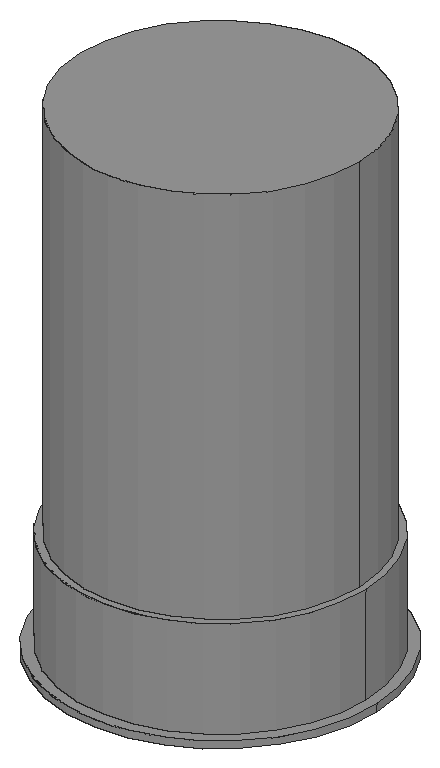
Revit family "VASARI 4 Round Wall Wash_02", category Lighting Fixtures, host Ceiling, Revit 2017
Family settings
  Host = Ceiling
  Round Connector Dimension = Use Diameter
  Part Type = Normal
  OmniClass Number = 23.80.70.11
  OmniClass Title = Luminaries for Internal Lighting
  Always vertical = Yes
  Cut with Voids When Loaded = No
  Light Source = Yes
  Shared = No
  Room Calculation Point = No
Parameters (values of type "100P")
  Wattage = 9.2903 W
  built-in parameter 1150110 = 1 (stored number, unit not read)
  built-in parameter 1114217 = 1 (stored number, unit not read)
  Tilt Angle = 90.00°
  built-in parameter 1150109 = 1 (stored number, unit not read)
  built-in parameter 1150134 = (empty or 0)
  built-in parameter 1150113 = 1 (stored number, unit not read)
  Photometric Web File = "ELR100P 35D.IES"
  Lumens = 1380 lm
  built-in parameter 1150115 = 1 (stored number, unit not read)
  built-in parameter 1150105 = 109.82 (stored number, unit not read)
  built-in parameter 1150137 = (empty or 0)
  built-in parameter 1150139 = (empty or 0)
  built-in parameter 1150112 = 1 (stored number, unit not read)
  built-in parameter 1150114 = 1 (stored number, unit not read)
  built-in parameter 1150132 = 2
  built-in parameter 1150102 = (empty or 0)
  built-in parameter 1150138 = (empty or 0)
  built-in parameter 1150107 = 3000 (stored number, unit not read)
  built-in parameter 1150106 = 1.0982 (stored number, unit not read)
  built-in parameter 1150104 = 13.8 (stored number, unit not read)
  Dimming Lamp Color Temperature Shift = <None>
  Color Filter = 16777215
  built-in parameter 1114218 = 1 (stored number, unit not read)
  built-in parameter 1150133 = 10 (stored number, unit not read)
Types (2, lengths in mm): name | Photometric Web File
  Type 1 | "ELR50P 35D.IES"
  100P | "ELR100P 35D.IES"
Reference planes
  plane 1 "Light Source Axis (F/B)": y = 0
  plane 2: z = 0
  plane 3 "Light Source Axis (L/R)": x = 0
  plane 4 "Ceiling": z = 4000
  plane 5 "Light Source Elevation": z = 4000
  plane 6 "rear": y = 45
  plane 7 "right": x = 45
  plane 8 "front": y = -45
  plane 9 "left": x = -45
  plane 10: z = 4140
Forms (mm)
  Extrusion 1, solid, material "Plastic, Opaque White"
    sketch origin (239.98, 0, 4000.991) x (-1, 0, 0) y (0, -1, 0)
      loop
        circle (239.98, 0) r 45
      loop
        circle (239.98, 0) r 42
    from -0.991 to 1.009
  Extrusion 2, solid, material "Plastic, Opaque White"
    sketch origin (-115, 0, 3998.982) x (0, 1, 0) y (-1, 0, 0)
      loop
        circle (0, -115) r 42
      loop
        circle (0, -115) r 40
    from 31.521 to 3.018
  Extrusion 3, solid, material "Plastic, Opaque White"
    sketch origin (0, 0, 4030.503) x (1, 0, 0) y (0, 1, 0)
      loop
        circle (0, 0) r 40
    from 0 to 109.497
  Extrusion 4, solid, material "ELR Light Emissive"
    sketch origin (0, 0, 4000) x (0, 1, 0) y (-1, 0, 0)
      loop
        circle (0, 0) r 40
    from 2 to 3
Lines and regions (mm)
  Opening 1
    outline origin (0, 0, 4000) x (1, 0, 0) y (0, 1, 0)
      loop
        circle (0, 0.331) r 45
Dimensions and locks
  equal spacing: host sketch curve, plane 3 "Light Source Axis (L/R)", host sketch curve
  equal spacing: host sketch curve, plane 1 "Light Source Axis (F/B)", host sketch curve
  host sketch curve to host sketch curve = 4000 mm  (x2)
  plane 4 "Ceiling" to host ceiling = 0 mm
  plane 9 "left" to plane 7 "right" = 90 mm  (x3)
  plane 6 "rear" to plane 8 "front" = 90 mm
  plane 10 to imposter light = 140 mm
  imposter light to plane 10 = 140 mm
  aligned and locked: plane 3 "Light Source Axis (L/R)" to imposter light
  aligned and locked: plane 1 "Light Source Axis (F/B)" to imposter light
  aligned and locked: plane 5 "Light Source Elevation" to imposter light
  aligned and locked: plane 10 to Extrusion 3
